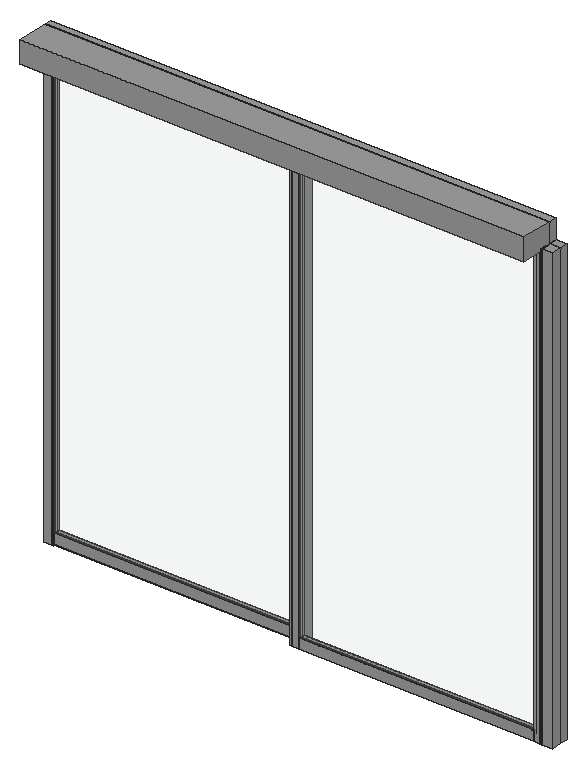
Revit family "agtatec_Record_SldngDrset_E-STA_CurtainWallPanel", category Curtain Panels, Revit 2015
Parameters (values of type "E-STA-L 108 mm drive unit height - left - with side panel")
  WithoutSidePanels = and(not(RightPanel), not(LeftPanel))  # no
  WithoutDriveCladding(OnlyApplicableForTypesWithoutSidePanels) = not(WithDriveCladding)  # no
  WithinStandardSizes = and(OpeningWidth > 799.90 mm, OpeningWidth < 3000.10 mm, ClearHeightOfPassage < 3000.10 mm, ClearHeightOfPassage > 1999.90 mm)  # yes
  WithDriveCladding = yes
  Weight = "Depends on configuration and size"
  WarrantyStartDate [instance] = "1900-12-31T23:59:59"
  WarrantyGuarantorParts = "Local door manufacturer"
  WarrantyGuarantorLabour = "Local door manufacturer"
  WarrantyDurationUnit = "Depends on country"
  WarrantyDurationParts = "Depends on country"
  WarrantyDurationLabour = "Depends on country"
  WarrantyDescription = "Depends on country"
  WallMountingProfile = yes
  Version = "Version 1.0"
  Uniclass2 = "Ss_25_30_20_77"
  URL = "www.agta-record.com"
  TotalWidth = if(LeftPanel, SidePanelWidthLeft + OpeningWidth + 55.00 mm, if(RightPanel, SidePanelWidthRight + OpeningWidth + 55.00 mm, OpeningWidth + 110.00 mm))  # 2555.00 mm
  TotalHeight = ClearHeightOfPassage + DriveUnitHeight  # 2295.00 mm
  SustainabilityPerformance = "n/a"
  SupportLengthRight = if(InterlancingProfileRight, (OpeningWidth - 46.00 mm) / 2 + SidePanelWidthRight + DriveUnitExtraWidthRight, (OpeningWidth / 2) + 16.00 mm)  # 616.00 mm
  SupportLengthLeft = if(InterlancingProfileLeft, (OpeningWidth - 46.00 mm) / 2 + SidePanelWidthLeft + DriveUnitExtraWidthLeft, (OpeningWidth / 2) + 16.00 mm)  # 1877.00 mm
  SupportLength = SupportLengthRight + SupportLengthLeft  # 2493.00 mm
  SidePanelWidthRight = OpeningWidth + 100.00 mm + ExtraRight  # 1300.00 mm
  SidePanelWidthLeft = OpeningWidth + 100.00 mm + ExtraLeft  # 1300.00 mm
  SidePanelMinimumStandard = InnerPanelWidth + 50.00 mm  # 1282.00 mm
  ServiceLifeType = "n/a"
  SecurityRating = "None"
  RightProfile = DoorOpeningLeft > DoorOpeningRight  # no
  RightPanel = no
  Revision = "n/a"
  ProductInformation = "www.agta-record.com"
  Process = "n/a"
  PassageMountingProfile(OnlyApplicableForTypesWithTwoSidePanels) = not(WallMountingProfile)  # no
  PanelHeight = ClearHeightOfPassage + 13.00 mm  # 2200.00 mm
  PanelFrames = agtatec_Record_Sliding Door, Aluminium
  PanelFill = agtatec_Record_Sliding Door, Laminated Safety Glass (Clear)
  OuterPanelWidthRight = OpeningWidth + 73.00 mm + ExtraRight  # 1273.00 mm
  OuterPanelWidthLeft = OpeningWidth + 73.00 mm + ExtraLeft  # 1273.00 mm
  OpeningWidth = 1200.00 mm
  Name = "SldngDrset_E-STA_CurtainWallPanel_Record"
  NBSTypeID = "n/a"
  NBSReference = "25-50-20/175"
  NBSOfficeMasterTag = "n/a"
  NBSNote = "n/a"
  NBSDescription = "Sliding Doorset"
  NBSCertification = "n/a"
  ModelNumber = "n/a"
  ModelLabel = "n/a"
  MethodOfMeasurement = "n/a"
  ManufacturerName = "Record"
  LeftProfile = DoorOpeningRight > DoorOpeningLeft  # no
  LeftPanel = yes
  InterlancingProfileRight = no
  InterlancingProfileLeft = yes
  InterlancingProfileHeight = PanelHeight - 5.00 mm  # 2195.00 mm
  InterlancingProfile1 = yes
  InstallationDate [instance] = "1900-12-31T23:59:59"
  InnerPanelWidth = OpeningWidth + 32.00 mm  # 1232.00 mm
  IfcExportType = "Door"
  IfcExportAs = "ifcDoorStyle"
  Grade = "n/a"
  GlazingAreaFraction = "Depends on size. Can be calculated"
  FloorGuide = agtatec_Record_Sliding Door, Stainless Steel
  FireRating = "None"
  Finish = "Powder coated, Anodized, customer specific"
  Features = "n/a"
  ExtraWidthRight = 0.00 mm
  ExtraWidthLeft = 0.00 mm
  ExtraRight = if(not(RightPanel), 0.00 mm, ExtraWidthRight)  # 0.00 mm
  ExtraLeft = if(not(LeftPanel), 0.00 mm, ExtraWidthLeft)  # 0.00 mm
  ExpectedLife = "n/a"
  DurationUnit = "year"
  Type Comments = "n/a"
  ThresholdStripping = "No additional required, part of the doorset"
  ThresholdRequired = yes
  ThermalTransmittance = 0
  TagNumber [instance] = "n/a"
  SmokeStop = no
  Size = "n/a"
  Shape = "Rectangular"
  ServiceLifeDuration = "10-15 years"
  SerialNumber [instance] = "n/a"
  SelfClosing = yes
  ReplacementCost = "Depends on the configuration and door type"
  ReferenceStandard = "EN16005, EN16361, DIN 18650, etc."
  Reference = "n/a"
  ProductionYear = "n/a"
  PassageWidthOptions = "n/a"
  NominalWidth = TotalWidth  # 2555.00 mm
  NominalLength = 0.00 mm
  NominalHeight = TotalHeight  # 2295.00 mm
  ModelReference = "Depends on the configuration"
  Model = "record Standard Linear Slider"
  Material = "Aluminium"
  ManufacturerURL = "www.agta-record.com"
  Manufacturer = "info@recorduk.co.uk"
  LeafColourOptions = "All RAL, customer specific"
  Keynote = "n/a"
  IssueDate = "n/a"
  IsExternal = yes
  Infiltration = "n/a"
  HasDrive = yes
  HandicapAccessible = yes
  GlassType = "Part of glazing spec"
  GlassThickness2 = "6 mm (default)"
  GlassThickness1 = "6 mm (default)"
  GlassLayers = 2
  FrameSeal = yes
  FrameProfile = "Aluminium"
  FrameMaterial = "Aluminium"
  FrameFinishOptions = "n/a"
  FireExit = no
  ElectronicLock = yes
  DriveUnitHeight = 108.00 mm
  DriveUnitExtraWidthRight = 0.00 mm
  DriveUnitExtraWidthLeft = 0.00 mm
  DriveUnit = agtatec_Record_Sliding Door, Sheet Metal (Painted Steel)
  DriveDepth = if([WithoutDriveCladding(OnlyApplicableForTypesWithoutSidePanels)], 157.00 mm, 194.00 mm)  # 194.00 mm
  DoorsetOperation = "Automatic"
  DoorsetFasteners = "Screws"
  DoorSeal = "yes"
  DoorOpeningRight = if(InterlancingProfileRight, SidePanelWidthLeft + DoorOpening, (SidePanelWidthLeft - DoorOpening))  # 1300.00 mm
  DoorOpeningLeft = if(InterlancingProfileLeft, SidePanelWidthRight + DoorOpening, (SidePanelWidthRight - DoorOpening))  # 1300.00 mm
  DoorOpening = 0.00 mm
  DoorNumber = "n/a"
  DoorIncluded = yes
  DoorCenterOffset = if(LeftPanel, SidePanelWidthRight - 87.00 mm + (OpeningWidth + 55.00 mm + SidePanelWidthLeft) / 2, if(RightPanel, (SidePanelWidthRight + OpeningWidth + 55.00 mm) / 2, if(and(WithoutSidePanels, InterlancingProfileLeft), (SidePanelWidthRight + OpeningWidth - 75.00 mm + SidePanelWidthLeft) / 2, (SidePanelWidthRight + OpeningWidth + 11.00 mm + SidePanelWidthLeft) / 2)))  # 2490.50 mm
  Documentation = "n/a"
  DocumentReference = "n/a"
  Description = "Automatic Sliding Door"
  Cost = 0
  Controller = "n/a"
  Construction Type = "Automatic Sliding Door"
  Constituents = "n/a"
  Configuration = "1 or 2"
  Colour = "Customer specific"
  CodePerformance = "n/a"
  ClearanceZones = no
  ClearHeightOfPassage = 2187.00 mm
  Category = "n/a"
  BreakoutFacility = "n/a"
  BarCode [instance] = "n/a"
  BIMObjectName = "agtatec_Record_SlidingDoorset_E-STA_CurtainWallPanel"
  Author = "agtatec"
  AssetType = "n/a"
  AssetIdentifier [instance] = "n/a"
  Assembly Code = "B2030110"
  AntiFingerTrapRequirement = yes
  AlternativeDoorsetGlazing = "Part of glazing spec"
  AcousticRating = "None"
  AccessoryOptions = "Contact manufacturer"
  AccessibilityPerformance = "n/a"
Reference planes
  plane 1 "Center (Front/Back)": y = 0
  plane 2: z = 0
  plane 3 "Center (Left/Right)": x = -33.5
  plane 4 "Left": x = -1280
  plane 5 "Right": x = 1213
  plane 6 "Top": z = 4000
Text (mm)
  text "Exterior" at (-2351.972, 1416.179, 0), in view "Ref. Level"
  text "Exterior" at (0, 2290.741, 4406.713), in view "Left"
  text "Exterior" at (0, 1328.187, 4120.349), in view "Right"
Dimensions and locks
  equal spacing: plane 4 "Left", plane 3 "Center (Left/Right)", plane 5 "Right"
  aligned and locked: nested 1 to plane 1 "Center (Front/Back)"
  aligned and locked: plane 3 "Center (Left/Right)" to nested 1
Nested families
  nested 1: "E-STA" at (19.997, 0, 0) x (-1, 0, 0) z (0, 0, 1), type "E-STA-L 150 mm drive unit height - left - with side panel"
    with WarrantyStartDate "Depends on country", TagNumber "n/a", SerialNumber "n/a", InstallationDate "n/a", BarCode "n/a", AssetIdentifier "n/a", TotalHeight 2295.00 mm, DriveUnitHeight 108.00 mm, NominalHeight 2295.00 mm
Definition of nested family "E-STA"
  Parameters
    WithoutSidePanels = and(not(RightPanel), not(LeftPanel))  # no
    WithoutDriveCladding(OnlyApplicableForTypesWithoutSidePanels) = not(WithDriveCladding)  # no
    WithinStandardSizes = and(OpeningWidth > 799.90 mm, OpeningWidth < 3000.10 mm, ClearHeightOfPassage < 3000.10 mm, ClearHeightOfPassage > 1999.90 mm)  # yes
    WithDriveCladding = yes
    Weight = "Depends on configuration and size"
    WarrantyDurationUnit = "Depends on country"
    WallOpeningWidth = if(and(RightPanel, LeftPanel), OpeningWidth + SidePanelWidthRight + SidePanelWidthLeft, if(RightPanel, OpeningWidth + SidePanelWidthRight, if(LeftPanel, OpeningWidth + SidePanelWidthLeft, OpeningWidth)))  # 2500.00 mm
    WallMountingRight = and(WallMountingProfile, RightPanel)  # no
    WallMountingProfile = yes
    WallMountingLeft = and(WallMountingProfile, LeftPanel)  # yes
    TotalWidth = if(LeftPanel, SidePanelWidthLeft + OpeningWidth + 55.00 mm, if(RightPanel, SidePanelWidthRight + OpeningWidth + 55.00 mm, OpeningWidth + 110.00 mm))  # 2555.00 mm
    TotalHeight = ClearHeightOfPassage + DriveUnitHeight  # 2337.00 mm
    SustainabilityPerformance = "n/a"
    SupportLengthRight = if(InterlancingProfileRight, (OpeningWidth - 46.00 mm) / 2 + SidePanelWidthRight + DriveUnitExtraWidthRight, (OpeningWidth / 2) + 16.00 mm)  # 616.00 mm
    SupportLengthLeft = if(InterlancingProfileLeft, (OpeningWidth - 46.00 mm) / 2 + SidePanelWidthLeft + DriveUnitExtraWidthLeft, (OpeningWidth / 2) + 16.00 mm)  # 1877.00 mm
    SupportLength = SupportLengthRight + SupportLengthLeft  # 2493.00 mm
    SidePanelWidthRight = OpeningWidth + 100.00 mm + ExtraRight  # 1300.00 mm
    SidePanelWidthLeft = OpeningWidth + 100.00 mm + ExtraLeft  # 1300.00 mm
    SidePanelMinimumStandard = InnerPanelWidth + 50.00 mm  # 1282.00 mm
    ServiceLifeType = "n/a"
    SecurityRating = "None"
    RightPanel = no
    Revision = "n/a"
    ProfileOpeningRight = if(InterlancingProfileLeft, DoorOpeningRestriction, 0.00 mm)  # 0.00 mm
    ProfileOpeningLeft = if(InterlancingProfileRight, DoorOpeningRestriction, 0.00 mm)  # 0.00 mm
    ProductInformation = "www.agta-record.com"
    Process = "n/a"
    PassageMountingRight = and([PassageMountingProfile(OnlyApplicableForTypesWithTwoSidePanels)], RightPanel)  # no
    PassageMountingProfile(OnlyApplicableForTypesWithTwoSidePanels) = not(WallMountingProfile)  # no
    PassageMountingLeft = and([PassageMountingProfile(OnlyApplicableForTypesWithTwoSidePanels)], LeftPanel)  # no
    PanelHeight = ClearHeightOfPassage + 13.00 mm  # 2200.00 mm
    PanelFrames = none
    PanelFill = none
    OuterPanelWidthRight = OpeningWidth + 73.00 mm + ExtraRight  # 1273.00 mm
    OuterPanelWidthLeft = OpeningWidth + 73.00 mm + ExtraLeft  # 1273.00 mm
    OpeningWidth = 1200.00 mm
    Name = "SldngDrset_E-STA_Standalone_Record"
    NBSTypeID = "n/a"
    NBSReference = "25-50-20/175"
    NBSOfficeMasterTag = "n/a"
    NBSNote = "n/a"
    NBSDescription = "Sliding Doorset"
    NBSCertification = "n/a"
    ModelNumber = "n/a"
    ModelLabel = "n/a"
    MethodOfMeasurement = "n/a"
    ManufacturerName = "Record"
    LeftPanel = yes
    InterlancingProfileRight = no
    InterlancingProfileLeft = yes
    InterlancingProfileHeight = PanelHeight - 5.00 mm  # 2195.00 mm
    InstallationDate [instance] = "n/a"
    InnerPanelWidth = OpeningWidth + 32.00 mm  # 1232.00 mm
    IfcExportType = "n/a"
    IfcExportAs = "n/a"
    Grade = "n/a"
    GlazingAreaFraction = "Depends on size. Can be calculated"
    FloorGuide = none
    FireRating = "None"
    Features = "n/a"
    ExtraWidthRight = 0.00 mm
    ExtraWidthLeft = 0.00 mm
    ExtraRight = if(not(RightPanel), 0.00 mm, ExtraWidthRight)  # 0.00 mm
    ExtraLeft = if(not(LeftPanel), 0.00 mm, ExtraWidthLeft)  # 0.00 mm
    ExpectedLife = "n/a"
    DurationUnit = "year"
    DriveUnitHeight = 150.00 mm
    DriveUnitExtraWidthRight = 0.00 mm
    DriveUnitExtraWidthLeft = 0.00 mm
    DriveUnit = none
    Width = TotalWidth  # 2555.00 mm
    WarrantyStartDate [instance] = "Depends on country"
    WarrantyGuarantorParts = "Local door manufacturer"
    WarrantyGuarantorLabour = "Local door manufacturer"
    WarrantyDurationParts = "Depends on country"
    WarrantyDurationLabour = "Depends on country"
    WarrantyDescription = "Depends on country"
    Version = "Version 1.0"
    Uniclass2 = "Ss_25_30_20_77"
    URL = "www.agta-record.com"
    Type Comments = ""
    ThresholdStripping = "No additional required, part of the doorset"
    ThresholdRequired = yes
    ThermalTransmittance = 0
    TagNumber [instance] = "n/a"
    SmokeStop = no
    Size = "n/a"
    Shape = "Rectangular"
    ServiceLifeDuration = "10-15 years"
    SerialNumber [instance] = "n/a"
    SelfClosing = yes
    Rough Width = TotalWidth + 6.00 mm  # 2561.00 mm
    Rough Height = TotalHeight + 6.00 mm  # 2343.00 mm
    ReplacementCost = "Depends on the configuration and door type"
    ReferenceStandard = "EN16005, EN16361, DIN 18650, etc."
    Reference = "n/a"
    ProductionYear = "n/a"
    PassageWidthOptions = "n/a"
    Operation = "n/a"
    NominalWidth = TotalWidth  # 2555.00 mm
    NominalLength = 0.00 mm
    NominalHeight = TotalHeight  # 2337.00 mm
    ModelReference = "Depends on the configuration"
    Model = "record Standard Linear Slider"
    Material = "Aluminium"
    ManufacturerURL = "www.agta-record.com"
    Manufacturer = "info@recorduk.co.uk"
    LeafColourOptions = "All RAL, customer specific"
    Keynote = ""
    IssueDate = ""
    IsExternal = yes
    Infiltration = "n/a"
    Height = TotalHeight  # 2337.00 mm
    HasDrive = yes
    HandicapAccessible = yes
    GlassType = "Part of glazing spec"
    GlassThickness2 = "6 mm (default)"
    GlassThickness1 = "6 mm (default)"
    GlassLayers = 2
    Function = 1
    FrameSeal = yes
    FrameProfile = "Aluminium"
    FrameMaterial = "Aluminium"
    FrameFinishOptions = "n/a"
    FireExit = no
    Finish = "Powder coated, Anodized, customer specific"
    ElectronicLock = yes
    DriveDepth2 = if([WithoutDriveCladding(OnlyApplicableForTypesWithoutSidePanels)], 0.00 mm, 37.00 mm)  # 37.00 mm
    DriveDepth = if([WithoutDriveCladding(OnlyApplicableForTypesWithoutSidePanels)], 157.00 mm, 194.00 mm)  # 194.00 mm
    DoorsetOperation = "Automatic"
    DoorsetFasteners = "Screws"
    DoorSeal = "yes"
    DoorOpeningRight = if(InterlancingProfileRight, SidePanelWidthLeft + DoorOpeningRestriction, (SidePanelWidthLeft - DoorOpeningRestriction))  # 1300.00 mm
    DoorOpeningRestriction = if(DoorOpening > OpeningWidth, OpeningWidth, DoorOpening)  # 0.00 mm
    DoorOpeningLeft = if(InterlancingProfileLeft, SidePanelWidthRight + DoorOpeningRestriction, (SidePanelWidthRight - DoorOpeningRestriction))  # 1300.00 mm
    DoorOpening = 0.00 mm
    DoorNumber = "n/a"
    DoorIncluded = yes
    Documentation = "n/a"
    DocumentReference = "n/a"
    DistanceToWall = if([WithoutDriveCladding(OnlyApplicableForTypesWithoutSidePanels)], 20.00 mm, 57.00 mm)  # 57.00 mm
    Description = "Automatic Sliding Door"
    Cost = 0
    Controller = "n/a"
    Construction Type = "Automatic Sliding Door"
    Constituents = "n/a"
    Configuration = "1 or 2"
    Colour = "Customer specific"
    CodePerformance = "n/a"
    ClearanceZones = no
    ClearanceZoneRight = if(not(InterlancingProfileRight), (SupportLength / 2) + 55.00 mm, if(or(not(RightPanel), DriveUnitExtraWidthRight > 0.00 mm), SupportLength / 2, if(not(WallMountingProfile), (SupportLength / 2) + 7.00 mm, (SupportLength / 2) + 23.00 mm)))  # 1301.50 mm
    ClearanceZoneLeft = if(not(InterlancingProfileLeft), (SupportLength / 2) + 55.00 mm, if(or(not(LeftPanel), DriveUnitExtraWidthLeft > 0.00 mm), SupportLength / 2, if(not(WallMountingProfile), (SupportLength / 2) + 7.00 mm, (SupportLength / 2) + 23.00 mm)))  # 1269.50 mm
    ClearHeightOfPassage = 2187.00 mm
    CladdingVoid = if(WithoutSidePanels, 9.00 mm, 41.00 mm)  # 41.00 mm
    CladdingProfile = not([WithoutDriveCladding(OnlyApplicableForTypesWithoutSidePanels)])  # yes
    CenterOfDoor = if(InterlancingProfileLeft, ((SidePanelWidthRight - 32.00 mm) + ((SupportLength) / 2)), 7.00 mm + (SupportLength / 2) - DriveUnitExtraWidthRight)  # 2514.50 mm
    Category = "n/a"
    BreakoutFacility = "n/a"
    BarCode [instance] = "n/a"
    BIMObjectName = "agtatec_Record_SlidingDoorset_E-STA_Standalone"
    Author = "agtatec"
    AssetType = "n/a"
    AssetIdentifier [instance] = "n/a"
    Assembly Code = "B2030110"
    AntiFingerTrapRequirement = yes
    AlternativeDoorsetGlazing = "Part of glazing spec"
    AcousticRating = "None"
    AccessoryOptions = "Contact manufacturer"
    AccessibilityPerformance = "n/a"
  Reference planes
    plane 1 "Center (Front/Back)": y = 0
    plane 2: z = 0
    plane 3 "Ref": x = 6.997
    plane 4: y = 5
    plane 5: y = 101
    plane 6: z = 2337
    plane 7: z = 2187
    plane 8: z = 2545.08
    plane 9: x = -1244.003
    plane 10: z = 2357
    plane 11: y = 344
    plane 12 "Reference": z = 270
    plane 13 "2D Lines": z = 100
    plane 14: x = -1193.003
    plane 15: y = 57
    plane 16: x = 1306.997
    plane 17 "Ex Center (Left/Right)": x = -577.003
    plane 18: x = 38.997
    plane 19: x = 89.997
    plane 20: x = -1161.003
    plane 21: x = 18.997
    plane 22: x = -1173.003
    plane 23: x = -2461.003
    plane 24: y = 46
    plane 25: x = -1161.003
    plane 26: x = 6.997
    plane 27: y = 194
    plane 28 "Drive Unit - Front": y = 5
    plane 29: x = 38.997
    plane 30: x = -1193.003
    plane 31: x = 1299.997
    plane 32: x = -1193.003
    plane 33 "Center (Left/Right)": x = 53.497
    plane 34: x = 1322.997
    plane 35: x = -1248.003
  Forms (mm)
    Extrusion 1, solid, material <- "PanelFrames", visible <- "PassageMountingLeft"
      sketch origin (-430.68, 0, 0) x (-1, 0, 0) y (0, -1, 0)
        loop
          line (-1697.677, -3) -> (-1697.677, 0) -> (-1737.677, 0) -> (-1737.677, -40) -> (-1697.677, -40) -> (-1697.677, -38) -> (-1734.677, -38) -> (-1734.677, -3) -> (-1697.677, -3)
      from 0 to 2187
    Extrusion 2, solid, material <- "PanelFrames", visible <- "WallMountingLeft"
      sketch origin (-430.68, 0, 0) x (1, 0, 0) y (0, 1, 0)
        loop
          line (1697.677, 38) -> (1734.677, 38) -> (1734.677, 3) -> (1697.677, 3) -> (1697.677, 0) -> (1753.677, 0) -> (1753.677, 4) -> (1737.677, 4) -> (1737.677, 40) -> (1697.677, 40) -> (1697.677, 38)
      from 0 to 2187
    Extrusion 3, solid, material <- "PanelFrames", visible <- "PassageMountingRight"
      sketch origin (-723.327, 0, 0) x (1, 0, 0) y (0, 1, 0)
        loop
          line (-1697.677, 3) -> (-1734.677, 3) -> (-1734.677, 38) -> (-1697.677, 38) -> (-1697.677, 40) -> (-1737.677, 40) -> (-1737.677, 0) -> (-1697.677, 0) -> (-1697.677, 3)
      from 0 to 2187
    Extrusion 4, solid, material <- "PanelFrames", visible <- "WallMountingRight"
      sketch origin (-723.327, 0, 0) x (-1, 0, 0) y (0, -1, 0)
        loop
          line (1697.677, 0) -> (1697.677, -3) -> (1734.677, -3) -> (1734.677, -38) -> (1697.677, -38) -> (1697.677, -40) -> (1737.677, -40) -> (1737.677, -4) -> (1753.677, -4) -> (1753.677, 0) -> (1697.677, 0)
      from 0 to 2187
    Extrusion 5, solid, visible <- "ClearanceZones"
      sketch origin (-1193.003, 0, -304.8) x (0, 0, -1) y (0, 1, 0)
        loop
          line (-2661.8, 0) -> (-304.8, 0) -> (-304.8, 344) -> (-2661.8, 344) -> (-2661.8, 0)
      from -55 to 2516
    Extrusion 6, solid, material <- "DriveUnit"
      sketch origin (-1193.003, 0, -304.8) x (0, 0, -1) y (0, 1, 0)
        loop
          line (-2491.8, 37) -> (-2491.8, 54) -> (-2504.8, 54) -> (-2504.8, 96) -> (-2491.8, 96) -> (-2491.8, 194) -> (-2641.8, 194) -> (-2641.8, 37) -> (-2491.8, 37)
      from 0 to 2493
    Extrusion 7, solid, material <- "DriveUnit", visible <- "CladdingProfile"
      sketch origin (-577.003, -62.403, 1200) x (0, -1, 0) y (0, 0, 1)
        loop
          line (-62.403, 987) -> (-62.403, 1137) -> (-99.403, 1137) -> (-99.403, 987) -> (-62.403, 987)
      from -1877 to 616
    Extrusion 8, void
      sketch origin (-1826.039, 46, 1200) x (1, 0, 0) y (0, 0, 1)
        loop
          line (633.035, 1000) -> (633.035, 987) -> (3126.035, 987) -> (3126.035, 1000) -> (633.035, 1000)
      from 0 to 41 <- "CladdingVoid"
  Cuts and joins
    Extrusion 8 cuts Extrusion 1
    Extrusion 8 cuts Extrusion 2
    Extrusion 8 cuts Extrusion 7
  Lines and regions (mm)
    Masking region 1, visible <- "PassageMountingLeft"
      outline origin (0, 0, 0) x (1, 0, 0) y (0, 1, 0)
        loop
          line (1266.997, 38) -> (1303.997, 38) -> (1303.997, 3) -> (1266.997, 3) -> (1266.997, 0) -> (1306.997, 0) -> (1306.997, 40) -> (1266.997, 40) -> (1266.997, 38)
    Masking region 2, visible <- "WallMountingLeft"
      outline origin (0, 0, 0) x (1, 0, 0) y (0, 1, 0)
        loop
          line (1266.997, 40) -> (1266.997, 38) -> (1303.997, 38) -> (1303.997, 3) -> (1266.997, 3) -> (1266.997, 0) -> (1322.997, 0) -> (1322.997, 4) -> (1306.997, 4) -> (1306.997, 40) -> (1266.997, 40)
    Masking region 3, visible <- "PassageMountingRight"
      outline origin (0, 0, 0) x (1, 0, 0) y (0, 1, 0)
        loop
          line (-2461.003, 40) -> (-2461.003, 0) -> (-2421.003, 0) -> (-2421.003, 3) -> (-2458.003, 3) -> (-2458.003, 38) -> (-2421.003, 38) -> (-2421.003, 40) -> (-2461.003, 40)
    Masking region 4, visible <- "WallMountingRight"
      outline origin (0, 0, 0) x (1, 0, 0) y (0, 1, 0)
        loop
          line (-2477.003, 0) -> (-2421.003, 0) -> (-2421.003, 3) -> (-2458.003, 3) -> (-2458.003, 38) -> (-2421.003, 38) -> (-2421.003, 40) -> (-2461.003, 40) -> (-2461.003, 4) -> (-2477.003, 4) -> (-2477.003, 0)
    symbolic lines
      curve 1: line (-502.003, -50, 0) -> (-652.003, -50, 0)
    symbolic lines, visible <- "InterlancingProfileLeft"
      curve 2: line (-502.003, -50, 0) -> (-537.359, -14.645, 0)
      curve 3: line (-502.003, -50, 0) -> (-537.359, -85.355, 0)
    symbolic lines, visible <- "InterlancingProfileRight"
      curve 4: line (-652.003, -50, 0) -> (-616.648, -14.645, 0)
      curve 5: line (-652.003, -50, 0) -> (-616.648, -85.355, 0)
  Text (mm)
    text "Right" at (-1678.087, 0, 3204.03), in view "Back"
    text "Left" at (1021.913, 0, 3204.03), in view "Back"
  Dimensions and locks
    locked: plane 4 to plane 1 "Center (Front/Back)" at 5
    locked: plane 1 "Center (Front/Back)" to plane 5 at 101
    "DriveUnitHeight": plane 6 to plane 7
    locked: plane 8 to plane 7 at 358.08
    "ClearHeightOfPassage": plane 7 to plane 2
    locked: plane 10 to plane 6 at 20
    "OpeningWidth": plane 14 to plane 3 "Ref"
    locked: plane 9 to plane 14 at 51
    "SidePanelWidthLeft": plane 3 "Ref" to plane 16
    locked: plane 18 to plane 19 at 51
    "OpeningWidth": plane 20 to plane 18
    "InnerPanelWidth": plane 14 to plane 18
    equal spacing: plane 14, plane 17 "Ex Center (Left/Right)", plane 18
    locked: plane 3 "Ref" to plane 21 at 12
    locked: plane 22 to plane 20 at 12
    "SidePanelWidthRight": plane 23 to plane 20
    locked: plane 1 "Center (Front/Back)" to plane 24 at 46
    "DistanceToWall": plane 15 to plane 1 "Center (Front/Back)"
    "DoorOpeningLeft": plane 23 to plane 25
    "DoorOpeningRight": plane 26 to plane 16
    "DriveDepth": plane 1 "Center (Front/Back)" to plane 27
    "DriveUnitHeight": plane 27 to plane 11
    locked: plane 15 to nested 6 at 20
    locked: plane 15 to nested 2 at 20
    locked: Extrusion 6 sketch curve to Extrusion 6 sketch curve at 98
    "ProfileOpeningRight": plane 18 to plane 29
    "ProfileOpeningLeft": plane 30 to plane 14
    "SupportLengthLeft": plane 17 "Ex Center (Left/Right)" to plane 31
    "SupportLengthRight": plane 32 to plane 17 "Ex Center (Left/Right)"
    "DriveDepth2": plane 1 "Center (Front/Back)" to Extrusion 6 sketch curve
    locked: Extrusion 8 sketch curve to Extrusion 8 sketch curve at 13
    "CenterOfDoor": plane 23 to plane 33 "Center (Left/Right)"
    "ClearanceZoneLeft": plane 33 "Center (Left/Right)" to plane 34
    "ClearanceZoneRight": plane 35 to plane 33 "Center (Left/Right)"
    aligned and locked: plane 2 to level
    aligned and locked: plane 7 to Extrusion 2
    aligned and locked: plane 7 to Extrusion 1
    aligned and locked: plane 16 to Extrusion 1
    aligned and locked: nested 1 to plane 21
    aligned and locked: plane 15 to nested 3
    aligned and locked: plane 20 to nested 6
    aligned and locked: nested 2 to plane 3 "Ref"
    aligned and locked: plane 7 to Extrusion 3
    aligned and locked: plane 7 to Extrusion 4
    aligned and locked: plane 15 to nested 4
    aligned and locked: plane 10 to Extrusion 5 sketch curve
    aligned and locked: plane 11 to Extrusion 5 sketch curve
    aligned and locked: plane 1 "Center (Front/Back)" to Extrusion 5 sketch curve
    aligned and locked: level to Extrusion 5 sketch curve
    aligned and locked: nested 5 to plane 15
    aligned and locked: nested 7 to plane 15
    aligned and locked: plane 7 to Extrusion 6 sketch curve  (x2)
    aligned and locked: Extrusion 6 sketch curve to plane 6
    aligned and locked: plane 27 to Extrusion 6 sketch curve
    aligned and locked: nested 5 to plane 30
    aligned and locked: plane 30 to nested 4
    aligned and locked: nested 3 to plane 29
    aligned and locked: plane 29 to nested 7
    aligned and locked: plane 31 to Extrusion 6
    aligned and locked: plane 22 to nested 8
    aligned and locked: Extrusion 8 sketch curve to plane 31
    aligned and locked: plane 32 to Extrusion 8 sketch curve
    aligned and locked: plane 31 to cut or joined group of Extrusion 7, Extrusion 8
    aligned and locked: cut or joined group of Extrusion 7, Extrusion 8 to plane 32
    aligned and locked: Extrusion 5 to plane 35
    aligned and locked: plane 34 to Extrusion 5
  Automatic sketch dimensions
    Masking region 1 sketch curve to plane 4 = 2.00 mm
    plane 1 "Center (Front/Back)" to Masking region 1 sketch curve = 0.00 mm
    Masking region 1 sketch curve to plane 16 = 0.00 mm
    Masking region 1 sketch curve to plane 16 = 3.00 mm
    Masking region 1 sketch curve to plane 24 = 8.00 mm
    Masking region 1 sketch curve to Masking region 1 sketch curve = 37.00 mm  (x2)
    plane 17 "Ex Center (Left/Right)" to curve 1 = 75.00 mm
    plane 17 "Ex Center (Left/Right)" to curve 5 = 39.645 mm
    plane 1 "Center (Front/Back)" to curve 4 = 14.645 mm
    plane 17 "Ex Center (Left/Right)" to curve 4 = 39.645 mm
    plane 1 "Center (Front/Back)" to curve 2 = 14.645 mm
    curve 2 to plane 17 "Ex Center (Left/Right)" = 39.645 mm
    curve 3 to plane 17 "Ex Center (Left/Right)" = 39.645 mm
    plane 1 "Center (Front/Back)" to curve 2 = 50.00 mm
    curve 3 to curve 2 = 35.355 mm
    Extrusion 1 sketch curve to plane 16 = 0.00 mm
    plane 1 "Center (Front/Back)" to Extrusion 1 sketch curve = 0.00 mm
    plane 24 to Extrusion 1 sketch curve = 8.00 mm
    Extrusion 1 sketch curve to Extrusion 1 sketch curve = 37.00 mm
    Extrusion 1 sketch curve to Extrusion 1 sketch curve = 0.00 mm
    plane 4 to Extrusion 1 sketch curve = 2.00 mm
    plane 24 to Extrusion 1 sketch curve = 6.00 mm
    Masking region 1 sketch curve to Masking region 1 sketch curve = 2.00 mm
    plane 1 "Center (Front/Back)" to Extrusion 2 sketch curve = 0.00 mm
    Extrusion 2 sketch curve to plane 16 = 0.00 mm
    Extrusion 2 sketch curve to plane 24 = 8.00 mm
    Extrusion 2 sketch curve to Extrusion 2 sketch curve = 37.00 mm  (x2)
    plane 16 to Extrusion 2 sketch curve = 16.00 mm
    Extrusion 2 sketch curve to plane 4 = 2.00 mm
    Extrusion 2 sketch curve to plane 4 = 1.00 mm
    Extrusion 2 sketch curve to Extrusion 2 sketch curve = 2.00 mm
    plane 1 "Center (Front/Back)" to Masking region 2 sketch curve = 0.00 mm
    Masking region 2 sketch curve to plane 16 = 0.00 mm
    Masking region 2 sketch curve to plane 24 = 8.00 mm
    Masking region 2 sketch curve to Masking region 2 sketch curve = 37.00 mm  (x2)
    plane 16 to Masking region 2 sketch curve = 16.00 mm
    Masking region 2 sketch curve to plane 4 = 2.00 mm
    Masking region 2 sketch curve to plane 4 = 1.00 mm
    Masking region 2 sketch curve to Masking region 2 sketch curve = 2.00 mm
    plane 16 to Extrusion 1 sketch curve = 3.00 mm
    Extrusion 2 sketch curve to plane 16 = 3.00 mm
    Masking region 2 sketch curve to plane 16 = 3.00 mm
    Extrusion 3 sketch curve to plane 23 = 0.00 mm
    Extrusion 3 sketch curve to plane 4 = 2.00 mm
    plane 1 "Center (Front/Back)" to Extrusion 3 sketch curve = 0.00 mm
    Extrusion 3 sketch curve to plane 23 = 3.00 mm
    Extrusion 3 sketch curve to plane 24 = 8.00 mm
    Extrusion 3 sketch curve to Extrusion 3 sketch curve = 37.00 mm  (x2)
    Extrusion 3 sketch curve to plane 24 = 6.00 mm
    Extrusion 4 sketch curve to plane 23 = 0.00 mm
    Extrusion 4 sketch curve to plane 1 "Center (Front/Back)" = 0.00 mm
    plane 23 to Extrusion 4 sketch curve = 3.00 mm
    Extrusion 4 sketch curve to Extrusion 4 sketch curve = 37.00 mm  (x2)
    plane 24 to Extrusion 4 sketch curve = 8.00 mm
    Extrusion 4 sketch curve to plane 23 = 16.00 mm
    plane 4 to Extrusion 4 sketch curve = 2.00 mm
    plane 4 to Extrusion 4 sketch curve = 1.00 mm
    Extrusion 4 sketch curve to Extrusion 4 sketch curve = 2.00 mm
    Masking region 4 sketch curve to plane 1 "Center (Front/Back)" = 0.00 mm
    Masking region 4 sketch curve to plane 23 = 0.00 mm
    plane 23 to Masking region 4 sketch curve = 16.00 mm
    Masking region 4 sketch curve to plane 4 = 1.00 mm
    Masking region 4 sketch curve to plane 23 = 3.00 mm
    Masking region 4 sketch curve to plane 24 = 6.00 mm
    Masking region 4 sketch curve to Masking region 4 sketch curve = 37.00 mm
    Masking region 4 sketch curve to plane 4 = 2.00 mm
    Masking region 4 sketch curve to Masking region 4 sketch curve = 0.00 mm
    Masking region 4 sketch curve to Masking region 4 sketch curve = 2.00 mm
    plane 1 "Center (Front/Back)" to Masking region 3 sketch curve = 0.00 mm
    Masking region 3 sketch curve to plane 23 = 0.00 mm
    Masking region 3 sketch curve to plane 23 = 3.00 mm
    Masking region 3 sketch curve to plane 4 = 2.00 mm
    Masking region 3 sketch curve to Masking region 3 sketch curve = 37.00 mm
    Masking region 3 sketch curve to plane 24 = 6.00 mm
    Masking region 3 sketch curve to Masking region 3 sketch curve = 0.00 mm
    Masking region 3 sketch curve to Masking region 3 sketch curve = 2.00 mm
    Extrusion 7 sketch curve to plane 7 = 0.00 mm
    Extrusion 7 sketch curve to plane 6 = 0.00 mm
    Extrusion 7 sketch curve to plane 1 "Center (Front/Back)" = 0.00 mm
    Extrusion 7 sketch curve to plane 24 = 9.00 mm
    Extrusion 8 sketch curve to plane 7 = 0.00 mm
    Extrusion 6 sketch curve to plane 15 = 3.00 mm
    Extrusion 6 sketch curve to Extrusion 6 sketch curve = 13.00 mm
  Nested families
    nested 1: "Outer Panel" at (18.997, 5, 0), visible <- "LeftPanel", type "Left Panel"
      with Panel Height 2200.00 mm
    nested 2: "Interlacing profile - Outer" at (18.997, 37, 5) x (0, 1, 0) z (0, 0, 1), visible <- "InterlancingProfileLeft", type "Default"
      with Without side panels no, Interlacing profile 2 no, Interlacing profile 1 yes
    nested 3: "Interlacing profile - Inner" at (38.997, 57, 5) x (0, -1, 0) z (0, 0, 1), type "Left"
    nested 4: "Inner Panel" at (38.997, 57, 0) x (-1, 0, 0) z (0, 0, 1), visible <- "InterlancingProfileRight", type "Inner Panel"
    nested 5: "Interlacing profile - Inner" at (-1193.003, 57, 5) x (0, -1, 0) z (0, 0, 1), type "Right"
      with Side Panel yes, Opposite Panel no, Interlacing profile 3 no, Interlacing profile 2 yes, Interlacing profile 1 yes
    nested 6: "Interlacing profile - Outer" at (-1173.003, 37, 5) x (0, 1, 0) z (0, 0, 1), visible <- "InterlancingProfileRight", type "Default"
      with Without side panels no, Interlacing profile 2 no, Interlacing profile 1 yes
    nested 7: "Inner Panel" at (-1193.003, 57, 0), visible <- "InterlancingProfileLeft", type "Inner Panel"
    nested 8: "Outer Panel" at (-1173.003, 37, 0) x (-1, 0, 0) z (0, 0, 1), visible <- "RightPanel", type "Right Panel"
      with Right Panel yes, Panel Height 2200.00 mm, Left Panel no
  Definition of nested family "Outer Panel"
    Parameters
      Right Panel = no
      Panel Height = 2163.00 mm
      Panel Glass = none
      Panel Frames = none
      Outer Panel Width = 1273.00 mm
      Left Panel = yes
    Reference planes
      plane 1 "Center (Front/Back)": y = 0
      plane 2: z = 0
      plane 3 "Center (Left/Right)": x = 0
      plane 4: x = 1273
      plane 5: z = 2163
      plane 6: x = 1241
      plane 7: x = 32
      plane 8: z = 2144
      plane 9 "Above": z = 42
      plane 10: x = 1254.5
      plane 11: x = 18.5
      plane 12: y = 32
      plane 13: x = 10
    Forms (mm)
      Extrusion 1, solid, material <- "Panel Frames"
        sketch origin (0, 0, 0) x (1, 0, 0) y (0, 1, 0)
          loop
            line (0, 0) -> (32, 0) -> (32, 2.5) -> (16, 2.5) -> (16, 29.5) -> (32, 29.5) -> (32, 32) -> (0, 32) -> (0, 0)
        from 0 to 2163
      Extrusion 2, solid, material <- "Panel Frames"
        sketch origin (591.5, 0, 0) x (-1, 0, 0) y (0, -1, 0)
          loop
            line (-681.5, 0) -> (-681.5, -32) -> (-649.5, -32) -> (-649.5, -29.5) -> (-665.5, -29.5) -> (-665.5, -2.5) -> (-649.5, -2.5) -> (-649.5, 0) -> (-681.5, 0)
        from 0 to 2163
      Extrusion 3, solid, material <- "Panel Frames"
        sketch origin (75, 0, 0) x (0, 1, 0) y (0, 0, 1)
          loop
            line (0, 2163) -> (0, 2131) -> (2.5, 2131) -> (2.5, 2147) -> (29.5, 2147) -> (29.5, 2131) -> (32, 2131) -> (32, 2163) -> (0, 2163)
        from -43 to 1166
      Extrusion 4, solid, material <- "Panel Glass"
        sketch origin (0, 0, 0) x (1, 0, 0) y (0, 1, 0)
          loop
            line (18.5, 28) -> (18.5, 4) -> (1254.5, 4) -> (1254.5, 28) -> (18.5, 28)
        from 42 to 2144
      Extrusion 5, solid, material <- "Panel Frames"
        sketch origin (20, 0, 0) x (0, 1, 0) y (0, 0, 1)
          loop
            line (0, 5) -> (3.25, 5) -> (3.25, 0) -> (28.75, 0) -> (28.75, 5) -> (32, 5) -> (32, 55) -> (29.5, 55) -> (29.5, 39) -> (2.5, 39) -> (2.5, 55) -> (0, 55) -> (0, 5)
        from 12 to 1221
    Lines and regions (mm)
      Masking region 1
        outline origin (0, 0, 0) x (1, 0, 0) y (0, 1, 0)
          loop
            line (0, 32) -> (0, 0) -> (10, 0) -> (1273, 0) -> (1273, 32) -> (10, 32) -> (0, 32)
      symbolic lines, detail levels medium+fine
        curve 1: line (1241, 32, 42) -> (1241, 29.5, 42)
        curve 2: line (32, 32, 42) -> (32, 29.5, 42)
        curve 18: line (1241, 2.5, 42) -> (1241, 0, 42)
        curve 20: line (32, 2.5, 42) -> (32, 0, 42)
      symbolic lines, detail levels fine
        curve 3: line (32, 28, 42) -> (1241, 28, 42)
        curve 4: line (32, 4, 42) -> (1241, 4, 42)
        curve 5: line (1241, 29.5, 42) -> (1257, 29.5, 42)
        curve 6: line (1257, 29.5, 42) -> (1257, 2.5, 42)
        curve 7: line (1257, 2.5, 42) -> (1241, 2.5, 42)
        curve 8: line (1241, 28, 42) -> (1254.5, 28, 42)
        curve 9: line (1254.5, 28, 42) -> (1254.5, 4, 42)
        curve 10: line (1254.5, 4, 42) -> (1241, 4, 42)
        curve 11: line (32, 29.5, 42) -> (16, 29.5, 42)
        curve 12: line (16, 29.5, 42) -> (16, 2.5, 42)
        curve 13: line (16, 2.5, 42) -> (32, 2.5, 42)
        curve 14: line (32, 4, 42) -> (18.5, 4, 42)
        curve 15: line (18.5, 4, 42) -> (18.5, 28, 42)
        curve 16: line (18.5, 28, 42) -> (32, 28, 42)
      symbolic lines, detail levels medium
        curve 17: line (1241, 29.5, 42) -> (1241, 2.5, 42)
        curve 19: line (32, 29.5, 42) -> (32, 2.5, 42)
      symbolic lines, visible <- "Right Panel"
        curve 21: line (0, 32, 42) -> (10, 32, 42)
      symbolic lines, visible <- "Left Panel"
        curve 22: line (10, 0, 42) -> (0, 0, 42)
    Dimensions and locks
      "Panel Height": plane 5 to plane 2
      locked: plane 7 to plane 3 "Center (Left/Right)" at 32
      locked: plane 6 to plane 4 at 32
      locked: plane 5 to plane 8 at 19
      locked: plane 9 "Above" to level at 42
      locked: plane 4 to plane 10 at 18.5
      locked: plane 11 to plane 3 "Center (Left/Right)" at 18.5
      "Outer Panel Width": plane 4 to plane 3 "Center (Left/Right)"
      locked: plane 3 "Center (Left/Right)" to plane 13 at 10
      aligned and locked: plane 2 to level
      aligned and locked: plane 5 to Extrusion 2
      aligned and locked: plane 5 to Extrusion 1
      aligned and locked: Extrusion 3 to plane 7
      aligned and locked: Extrusion 3 to plane 6
      aligned and locked: plane 8 to Extrusion 4
      aligned and locked: Extrusion 4 to plane 9 "Above"
      aligned and locked: Extrusion 4 to plane 10
      aligned and locked: Extrusion 4 to plane 11
      aligned and locked: Extrusion 1 to level
      aligned and locked: Extrusion 2 to level
      aligned and locked: Extrusion 5 to plane 6
      aligned and locked: Extrusion 5 to plane 7
      aligned and locked: Masking region 1 sketch curve to plane 4
      aligned and locked: plane 13 to Masking region 1 sketch curve  (x2)
    Automatic sketch dimensions
      Extrusion 1 sketch curve to plane 3 "Center (Left/Right)" = 0.00 mm
      Extrusion 1 sketch curve to plane 7 = 0.00 mm  (x2)
      plane 1 "Center (Front/Back)" to Extrusion 1 sketch curve = 0.00 mm
      Extrusion 1 sketch curve to plane 11 = 2.50 mm
      Extrusion 1 sketch curve to Extrusion 1 sketch curve = 2.50 mm  (x2)
      Extrusion 1 sketch curve to Extrusion 1 sketch curve = 27.00 mm
      Extrusion 2 sketch curve to plane 4 = 0.00 mm
      Extrusion 2 sketch curve to plane 6 = 0.00 mm  (x2)
      plane 1 "Center (Front/Back)" to Extrusion 2 sketch curve = 0.00 mm
      plane 10 to Extrusion 2 sketch curve = 2.50 mm
      Extrusion 2 sketch curve to Extrusion 2 sketch curve = 2.50 mm  (x2)
      Extrusion 2 sketch curve to Extrusion 2 sketch curve = 27.00 mm
      Extrusion 3 sketch curve to plane 1 "Center (Front/Back)" = 0.00 mm
      Extrusion 3 sketch curve to plane 5 = 0.00 mm
      Extrusion 3 sketch curve to plane 1 "Center (Front/Back)" = 2.50 mm
      plane 8 to Extrusion 3 sketch curve = 3.00 mm
      Extrusion 3 sketch curve to Extrusion 3 sketch curve = 27.00 mm
      Extrusion 3 sketch curve to Extrusion 3 sketch curve = 2.50 mm
      Extrusion 3 sketch curve to plane 8 = 13.00 mm  (x2)
      Extrusion 4 sketch curve to plane 11 = 0.00 mm
      Extrusion 4 sketch curve to plane 10 = 0.00 mm
      Extrusion 4 sketch curve to plane 1 "Center (Front/Back)" = 4.00 mm
      Extrusion 4 sketch curve to Extrusion 4 sketch curve = 24.00 mm
      Extrusion 5 sketch curve to plane 1 "Center (Front/Back)" = 0.00 mm
      Extrusion 5 sketch curve to level = 0.00 mm
      Extrusion 5 sketch curve to plane 1 "Center (Front/Back)" = 3.25 mm
      Extrusion 5 sketch curve to plane 1 "Center (Front/Back)" = 2.50 mm
      level to Extrusion 5 sketch curve = 5.00 mm
      Extrusion 5 sketch curve to Extrusion 5 sketch curve = 25.50 mm
      plane 9 "Above" to Extrusion 5 sketch curve = 13.00 mm  (x2)
      Extrusion 5 sketch curve to Extrusion 5 sketch curve = 27.00 mm
      Extrusion 5 sketch curve to Extrusion 5 sketch curve = 2.50 mm
      Extrusion 5 sketch curve to Extrusion 5 sketch curve = 5.00 mm
      Extrusion 5 sketch curve to plane 9 "Above" = 3.00 mm
      plane 1 "Center (Front/Back)" to Masking region 1 sketch curve = 0.00 mm
      Masking region 1 sketch curve to plane 3 "Center (Left/Right)" = 0.00 mm
      Masking region 1 sketch curve to plane 12 = 0.00 mm
      curve 9 to plane 10 = 0.00 mm
      curve 5 to plane 6 = 0.00 mm
      curve 3 to plane 6 = 0.00 mm
      curve 11 to plane 7 = 0.00 mm
      curve 3 to plane 7 = 0.00 mm
      curve 15 to plane 11 = 0.00 mm
      curve 21 to plane 12 = 0.00 mm
      curve 21 to plane 13 = 0.00 mm
      plane 1 "Center (Front/Back)" to curve 22 = 0.00 mm
      curve 22 to plane 13 = 0.00 mm
      curve 22 to plane 3 "Center (Left/Right)" = 0.00 mm
      curve 21 to plane 3 "Center (Left/Right)" = 0.00 mm
      curve 2 to plane 12 = 0.00 mm
      curve 1 to plane 12 = 0.00 mm
      plane 1 "Center (Front/Back)" to curve 18 = 0.00 mm
      plane 1 "Center (Front/Back)" to curve 20 = 0.00 mm
      curve 5 to plane 10 = 2.50 mm
      curve 12 to plane 11 = 2.50 mm
      curve 2 to curve 2 = 2.50 mm
      curve 1 to plane 12 = 2.50 mm
      curve 1 to curve 8 = 1.50 mm
      curve 10 to plane 1 "Center (Front/Back)" = 4.00 mm
      curve 4 to plane 1 "Center (Front/Back)" = 4.00 mm
      curve 14 to curve 4 = 0.00 mm
      curve 4 to curve 7 = 1.50 mm
      curve 14 to curve 13 = 1.50 mm
  Definition of nested family "Interlacing profile - Outer"
    Parameters
      Without side panels = yes
      Wall Mounting Option 2 = no
      Panel Frames = none
      Interlancing Profile Height = 2195.00 mm
      Interlacing profile 3 = and(Without side panels, Wall Mounting Option 2)  # no
      Interlacing profile 2 = and(Without side panels, not(Wall Mounting Option 2))  # yes
      Interlacing profile 1 = not(Without side panels)  # no
    Reference planes
      plane 1 "Center (Front/Back)": y = 0
      plane 2: z = 0
      plane 3 "Center (Left/Right)": x = 0
      plane 4: z = 2195
      plane 5 "Above": z = 40
      plane 6: y = -12
    Forms (mm)
      Extrusion 1, solid, material <- "Panel Frames", visible <- "Interlacing profile 1"
        sketch origin (0, 0, 0) x (1, 0, 0) y (0, 1, 0)
          loop
            line (0, 0) -> (-32, 0) -> (-32, -12) -> (17, -12) -> (17, 10) -> (0, 10) -> (0, 0)
        from 0 to 2195
      Extrusion 2, solid, material <- "Panel Frames", visible <- "Interlacing profile 2"
        sketch origin (0, 0, 0) x (1, 0, 0) y (0, 1, 0)
          loop
            line (4.45, 10) -> (4.45, 7.5) -> (-33.5, 7.5) -> (-33.5, 32) -> (-37, 32) -> (-37, -12) -> (17, -12) -> (17, 10) -> (4.45, 10)
        from 0 to 2195
      Extrusion 3, solid, material <- "Panel Frames", visible <- "Interlacing profile 3"
        sketch origin (0, 0, 0) x (1, 0, 0) y (0, 1, 0)
          loop
            line (17, 10) -> (1.7, 10) -> (1.7, 32) -> (0, 32) -> (0, -12) -> (17, -12) -> (17, 10)
        from 0 to 2195
    Lines and regions (mm)
      Masking region 1, visible <- "Interlacing profile 1"
        outline origin (0, 0, 0) x (1, 0, 0) y (0, 1, 0)
          loop
            line (0, 10) -> (0, 0) -> (-32, 0) -> (-32, -12) -> (17, -12) -> (17, 10) -> (0, 10)
      Masking region 2, visible <- "Interlacing profile 2"
        outline origin (0, 0, 0) x (1, 0, 0) y (0, 1, 0)
          loop
            line (17, -12) -> (17, 10) -> (4.45, 10) -> (4.45, 7.5) -> (-33.5, 7.5) -> (-33.5, 32) -> (-37, 32) -> (-37, -12) -> (17, -12)
      Masking region 3, visible <- "Interlacing profile 3"
        outline origin (0, 0, 0) x (1, 0, 0) y (0, 1, 0)
          loop
            line (17, 10) -> (1.7, 10) -> (1.7, 32) -> (0, 32) -> (0, -12) -> (17, -12) -> (17, 10)
      symbolic lines, visible <- "Interlacing profile 1", detail levels medium+fine
        curve 1: line (0, 10, 40) -> (0, 0, 40)
        curve 2: line (0, 0, 40) -> (-32, 0, 40)
    Dimensions and locks
      "Interlancing Profile Height": plane 4 to level
      aligned and locked: plane 4 to Extrusion 1
      aligned and locked: plane 4 to Extrusion 2
      aligned and locked: plane 4 to Extrusion 3
      aligned and locked: Extrusion 1 to plane 6
    Automatic sketch dimensions
      plane 1 "Center (Front/Back)" to curve 1 = 0.00 mm
      curve 1 to plane 3 "Center (Left/Right)" = 0.00 mm
      curve 2 to plane 3 "Center (Left/Right)" = 32.00 mm
      curve 1 to plane 1 "Center (Front/Back)" = 10.00 mm
      Extrusion 1 sketch curve to plane 6 = 0.00 mm
      plane 1 "Center (Front/Back)" to Extrusion 1 sketch curve = 0.00 mm
      Extrusion 1 sketch curve to plane 3 "Center (Left/Right)" = 0.00 mm
      Extrusion 1 sketch curve to plane 3 "Center (Left/Right)" = 32.00 mm
      plane 3 "Center (Left/Right)" to Extrusion 1 sketch curve = 17.00 mm
      Extrusion 1 sketch curve to plane 1 "Center (Front/Back)" = 10.00 mm
      Masking region 1 sketch curve to plane 6 = 0.00 mm
      plane 1 "Center (Front/Back)" to Masking region 1 sketch curve = 0.00 mm
      Masking region 1 sketch curve to plane 3 "Center (Left/Right)" = 0.00 mm
      Masking region 1 sketch curve to plane 3 "Center (Left/Right)" = 32.00 mm
      plane 3 "Center (Left/Right)" to Masking region 1 sketch curve = 17.00 mm
      Masking region 1 sketch curve to Masking region 1 sketch curve = 10.00 mm
      Extrusion 3 sketch curve to plane 3 "Center (Left/Right)" = 0.00 mm
      Extrusion 3 sketch curve to plane 6 = 0.00 mm
      plane 3 "Center (Left/Right)" to Extrusion 3 sketch curve = 1.70 mm
      plane 3 "Center (Left/Right)" to Extrusion 3 sketch curve = 17.00 mm
      Extrusion 3 sketch curve to plane 1 "Center (Front/Back)" = 10.00 mm
      Extrusion 3 sketch curve to Extrusion 3 sketch curve = 22.00 mm
      Masking region 3 sketch curve to plane 3 "Center (Left/Right)" = 0.00 mm
      Masking region 3 sketch curve to plane 6 = 0.00 mm
      plane 3 "Center (Left/Right)" to Masking region 3 sketch curve = 1.70 mm
      Masking region 3 sketch curve to Masking region 3 sketch curve = 15.30 mm
      Masking region 3 sketch curve to plane 1 "Center (Front/Back)" = 10.00 mm
      Masking region 3 sketch curve to Masking region 3 sketch curve = 22.00 mm
      Masking region 2 sketch curve to plane 6 = 0.00 mm
      Masking region 2 sketch curve to Masking region 2 sketch curve = 3.50 mm
      Masking region 2 sketch curve to Masking region 2 sketch curve = 37.95 mm
      plane 3 "Center (Left/Right)" to Masking region 2 sketch curve = 4.45 mm
      plane 3 "Center (Left/Right)" to Masking region 2 sketch curve = 17.00 mm
      Masking region 2 sketch curve to plane 1 "Center (Front/Back)" = 7.50 mm
      Masking region 2 sketch curve to Masking region 2 sketch curve = 2.50 mm
      Masking region 2 sketch curve to Masking region 2 sketch curve = 22.00 mm
      Extrusion 2 sketch curve to plane 6 = 0.00 mm
      Extrusion 2 sketch curve to plane 3 "Center (Left/Right)" = 37.00 mm
      Extrusion 2 sketch curve to plane 1 "Center (Front/Back)" = 7.50 mm
      Extrusion 2 sketch curve to Extrusion 2 sketch curve = 3.50 mm
      plane 3 "Center (Left/Right)" to Extrusion 2 sketch curve = 4.45 mm
      Extrusion 2 sketch curve to Extrusion 2 sketch curve = 12.55 mm
      Extrusion 2 sketch curve to Extrusion 2 sketch curve = 22.00 mm
      Extrusion 2 sketch curve to plane 1 "Center (Front/Back)" = 10.00 mm
  Definition of nested family "Interlacing profile - Inner"
    Parameters
      Without side panels = no
      Wall Mounting Option 2 = no
      Side Panel = no
      Panel Frames = none
      Opposite Panel = yes
      Interlancing Profile Height = 2195.00 mm
      Interlacing profile 4 = and(Opposite Panel, Without side panels, not(Wall Mounting Option 2))  # no
      Interlacing profile 3 = or(and(not(Interlacing profile 4), not(Side Panel)), and(not(Side Panel), Wall Mounting Option 2))  # yes
      Interlacing profile 2 = and(Side Panel, not(Wall Mounting Option 2))  # no
      Interlacing profile 1 = Side Panel  # no
    Reference planes
      plane 1 "Center (Front/Back)": y = 0
      plane 2: z = 0
      plane 3 "Center (Left/Right)": x = 0
      plane 4: z = 2195
      plane 5 "Above": z = 40
      plane 6: y = -55
    Forms (mm)
      Extrusion 1, solid, material <- "Panel Frames", visible <- "Interlacing profile 2"
        sketch origin (0, -5, 0) x (1, 0, 0) y (0, 1, 0)
          loop
            line (20, 0) -> (20, -50) -> (57, -50) -> (57, 0) -> (20, 0)
        from 0 to 2195
      Extrusion 2, solid, material <- "Panel Frames", visible <- "Interlacing profile 1"
        sketch origin (0, -5, 0) x (1, 0, 0) y (0, 1, 0)
          loop
            line (20, 0) -> (-32, 0) -> (-32, -50) -> (20, -50) -> (20, 0)
        from 0 to 2195
      Extrusion 3, solid, material <- "Panel Frames", visible <- "Interlacing profile 1"
        sketch origin (0, -5, 0) x (1, 0, 0) y (0, 1, 0)
          loop
            line (-32, 0) -> (0, 0) -> (0, 5) -> (-32, 5) -> (-32, 0)
        from 0 to 2195
      Extrusion 4, solid, material <- "Panel Frames", visible <- "Interlacing profile 4"
        sketch origin (0, 0, 0) x (1, 0, 0) y (0, 1, 0)
          loop
            line (-32, 0) -> (-32, -12) -> (49, -12) -> (49, -10) -> (12, -10) -> (12, 10) -> (0, 10) -> (0, 0) -> (-32, 0)
        from 0 to 2195
      Extrusion 5, solid, material <- "Panel Frames", visible <- "Interlacing profile 3"
        sketch origin (0, 0, 0) x (1, 0, 0) y (0, 1, 0)
          loop
            line (0, 10) -> (0, 0) -> (-32, 0) -> (-32, -12) -> (12, -12) -> (12, 10) -> (0, 10)
        from 0 to 2195
    Lines and regions (mm)
      Masking region 1, visible <- "Interlacing profile 2"
        outline origin (0, -5, 0) x (1, 0, 0) y (0, 1, 0)
          loop
            line (20, 0) -> (20, -50) -> (57, -50) -> (57, 0) -> (20, 0)
      Masking region 2, visible <- "Interlacing profile 1"
        outline origin (0, -5, 0) x (1, 0, 0) y (0, 1, 0)
          loop
            line (20, -50) -> (20, 0) -> (0, 0) -> (0, 5) -> (-32, 5) -> (-32, -50) -> (20, -50)
      Masking region 3, visible <- "Interlacing profile 4"
        outline origin (0, 0, 0) x (1, 0, 0) y (0, 1, 0)
          loop
            line (-32, 0) -> (-32, -12) -> (49, -12) -> (49, -10) -> (12, -10) -> (12, 10) -> (0, 10) -> (0, 0) -> (-32, 0)
      Masking region 4, visible <- "Interlacing profile 3"
        outline origin (0, 0, 0) x (1, 0, 0) y (0, 1, 0)
          loop
            line (0, 10) -> (0, 0) -> (-32, 0) -> (-32, -12) -> (12, -12) -> (12, 10) -> (0, 10)
      symbolic lines, visible <- "Interlacing profile 1", detail levels medium+fine
        curve 1: line (0, -5, 40) -> (-32, -5, 40)
        curve 2: line (20, -5, 40) -> (20, -55, 40)
    Dimensions and locks
      "Interlancing Profile Height": plane 4 to level
      aligned and locked: plane 4 to Extrusion 1
      aligned and locked: plane 4 to Extrusion 2
      aligned and locked: plane 4 to Extrusion 3
      aligned and locked: plane 4 to Extrusion 4
      aligned and locked: plane 4 to Extrusion 5
      aligned and locked: curve 1 to Extrusion 2
    Automatic sketch dimensions
      plane 1 "Center (Front/Back)" to Masking region 1 sketch curve = 55.00 mm
      plane 3 "Center (Left/Right)" to Masking region 1 sketch curve = 20.00 mm
      plane 1 "Center (Front/Back)" to Extrusion 2 sketch curve = 5.00 mm
      Extrusion 2 sketch curve to plane 3 "Center (Left/Right)" = 32.00 mm
      plane 3 "Center (Left/Right)" to Extrusion 2 sketch curve = 20.00 mm
      plane 1 "Center (Front/Back)" to Extrusion 2 sketch curve = 55.00 mm
      plane 1 "Center (Front/Back)" to Extrusion 1 sketch curve = 5.00 mm
      Extrusion 1 sketch curve to Extrusion 1 sketch curve = 37.00 mm
      plane 3 "Center (Left/Right)" to Extrusion 1 sketch curve = 20.00 mm
      Extrusion 1 sketch curve to Extrusion 1 sketch curve = 50.00 mm
      plane 3 "Center (Left/Right)" to Masking region 1 sketch curve = 57.00 mm
      plane 1 "Center (Front/Back)" to Masking region 1 sketch curve = 5.00 mm
      plane 1 "Center (Front/Back)" to Extrusion 3 sketch curve = 5.00 mm
      Extrusion 3 sketch curve to plane 3 "Center (Left/Right)" = 0.00 mm
      Extrusion 3 sketch curve to plane 3 "Center (Left/Right)" = 32.00 mm
      Extrusion 3 sketch curve to plane 1 "Center (Front/Back)" = 0.00 mm
      Masking region 2 sketch curve to plane 3 "Center (Left/Right)" = 0.00 mm
      plane 3 "Center (Left/Right)" to Masking region 2 sketch curve = 20.00 mm
      plane 1 "Center (Front/Back)" to Masking region 2 sketch curve = 55.00 mm
      Masking region 2 sketch curve to Masking region 2 sketch curve = 5.00 mm
      plane 1 "Center (Front/Back)" to Masking region 2 sketch curve = 5.00 mm
      Masking region 2 sketch curve to Masking region 2 sketch curve = 32.00 mm
      plane 1 "Center (Front/Back)" to Extrusion 4 sketch curve = 0.00 mm
      Extrusion 4 sketch curve to plane 3 "Center (Left/Right)" = 0.00 mm
      Extrusion 4 sketch curve to Extrusion 4 sketch curve = 32.00 mm
      plane 1 "Center (Front/Back)" to Extrusion 4 sketch curve = 10.00 mm
      Extrusion 4 sketch curve to Extrusion 4 sketch curve = 37.00 mm
      Extrusion 4 sketch curve to Extrusion 4 sketch curve = 2.00 mm
      Extrusion 4 sketch curve to plane 1 "Center (Front/Back)" = 10.00 mm
      plane 3 "Center (Left/Right)" to Extrusion 4 sketch curve = 12.00 mm
      plane 1 "Center (Front/Back)" to Masking region 3 sketch curve = 0.00 mm
      Masking region 3 sketch curve to plane 3 "Center (Left/Right)" = 0.00 mm
      Masking region 3 sketch curve to Masking region 3 sketch curve = 32.00 mm
      plane 3 "Center (Left/Right)" to Masking region 3 sketch curve = 12.00 mm
      plane 1 "Center (Front/Back)" to Masking region 3 sketch curve = 12.00 mm
      Masking region 3 sketch curve to Masking region 3 sketch curve = 37.00 mm
      plane 1 "Center (Front/Back)" to Masking region 3 sketch curve = 10.00 mm
      Masking region 3 sketch curve to plane 1 "Center (Front/Back)" = 10.00 mm
      plane 1 "Center (Front/Back)" to Extrusion 5 sketch curve = 0.00 mm
      Extrusion 5 sketch curve to plane 3 "Center (Left/Right)" = 0.00 mm
      plane 1 "Center (Front/Back)" to Extrusion 5 sketch curve = 12.00 mm
      Extrusion 5 sketch curve to plane 3 "Center (Left/Right)" = 32.00 mm
      plane 3 "Center (Left/Right)" to Extrusion 5 sketch curve = 12.00 mm
      Extrusion 5 sketch curve to Extrusion 5 sketch curve = 10.00 mm
      plane 1 "Center (Front/Back)" to Masking region 4 sketch curve = 0.00 mm
      Masking region 4 sketch curve to plane 3 "Center (Left/Right)" = 0.00 mm
      plane 1 "Center (Front/Back)" to Masking region 4 sketch curve = 12.00 mm
      Masking region 4 sketch curve to plane 3 "Center (Left/Right)" = 32.00 mm
      plane 3 "Center (Left/Right)" to Masking region 4 sketch curve = 12.00 mm
      Masking region 4 sketch curve to Masking region 4 sketch curve = 10.00 mm
      curve 2 to plane 6 = 0.00 mm
      curve 1 to plane 3 "Center (Left/Right)" = 0.00 mm
      plane 1 "Center (Front/Back)" to curve 2 = 5.00 mm
      curve 2 to curve 1 = 20.00 mm
      plane 1 "Center (Front/Back)" to curve 1 = 5.00 mm
  Definition of nested family "Inner Panel"
    Parameters
      Panel Height = 2200.00 mm
      Panel Glass = none
      Panel Frames = none
      Interlacing profile right = no
      Interlacing profile left = yes
      Inner Panel Width = 1232.00 mm
    Reference planes
      plane 1 "Center (Front/Back)": y = 0
      plane 2: z = 0
      plane 3 "Center (Left/Right)": x = 0
      plane 4: x = 1232
      plane 5: z = 2200
      plane 6: x = 1200
      plane 7: x = 37
      plane 8: z = 2181
      plane 9 "Above": z = 42
      plane 10: x = 1213.5
      plane 11: x = 23.5
      plane 12: z = 5
      plane 13: x = 1222
      plane 14: x = 5
    Forms (mm)
      Extrusion 1, solid, material <- "Panel Frames"
        sketch origin (0, 0, 0) x (1, 0, 0) y (0, 1, 0)
          loop
            line (5, 0) -> (37, 0) -> (37, 2.5) -> (21, 2.5) -> (21, 29.5) -> (37, 29.5) -> (37, 32) -> (5, 32) -> (5, 0)
        from 5 to 2200
      Extrusion 2, solid, material <- "Panel Frames"
        sketch origin (591.5, 0, 0) x (-1, 0, 0) y (0, -1, 0)
          loop
            line (-640.5, 0) -> (-640.5, -32) -> (-608.5, -32) -> (-608.5, -29.5) -> (-624.5, -29.5) -> (-624.5, -2.5) -> (-608.5, -2.5) -> (-608.5, 0) -> (-640.5, 0)
        from 5 to 2200
      Extrusion 3, solid, material <- "Panel Frames"
        sketch origin (-55, 0, 0) x (0, 1, 0) y (0, 0, 1)
          loop
            line (0, 5) -> (14.65, 5) -> (14.65, 26) -> (17.35, 26) -> (17.35, 5) -> (32, 5) -> (32, 55) -> (29.5, 55) -> (29.5, 39) -> (2.5, 39) -> (2.5, 55) -> (0, 55) -> (0, 5)
        from 92 to 1255
      Extrusion 4, solid, material <- "Panel Frames"
        sketch origin (75, 0, 0) x (0, 1, 0) y (0, 0, 1)
          loop
            line (0, 2200) -> (0, 2168) -> (2.5, 2168) -> (2.5, 2184) -> (29.5, 2184) -> (29.5, 2168) -> (32, 2168) -> (32, 2200) -> (0, 2200)
        from -38 to 1125
      Extrusion 5, solid, material <- "Panel Glass"
        sketch origin (0, 0, 0) x (1, 0, 0) y (0, 1, 0)
          loop
            line (23.5, 28) -> (23.5, 4) -> (1213.5, 4) -> (1213.5, 28) -> (23.5, 28)
        from 42 to 2181
      Extrusion 6, solid, material <- "Panel Frames"
        sketch origin (0, 0, 0) x (1, 0, 0) y (0, 1, 0)
          loop
            line (0, 32) -> (0, 0) -> (5, 0) -> (5, 32) -> (0, 32)
        from 5 to 2200
    Lines and regions (mm)
      Masking region 1
        outline origin (0, 0, 0) x (1, 0, 0) y (0, 1, 0)
          loop
            line (1232, 32) -> (0, 32) -> (0, 0) -> (1222, 0) -> (1232, 0) -> (1232, 32)
      symbolic lines, detail levels fine
        curve 1: line (37, 28, 42) -> (1200, 28, 42)
        curve 2: line (37, 4, 42) -> (1200, 4, 42)
        curve 6: line (1200, 29.5, 42) -> (1216, 29.5, 42)
        curve 7: line (1216, 29.5, 42) -> (1216, 2.5, 42)
        curve 8: line (1216, 2.5, 42) -> (1200, 2.5, 42)
        curve 9: line (1200, 4, 42) -> (1213.5, 4, 42)
        curve 10: line (1213.5, 4, 42) -> (1213.5, 28, 42)
        curve 11: line (1213.5, 28, 42) -> (1200, 28, 42)
        curve 12: line (37, 29.5, 42) -> (21, 29.5, 42)
        curve 13: line (21, 29.5, 42) -> (21, 2.5, 42)
        curve 14: line (21, 2.5, 42) -> (37, 2.5, 42)
        curve 15: line (37, 4, 42) -> (23.5, 4, 42)
        curve 16: line (23.5, 4, 42) -> (23.5, 28, 42)
        curve 17: line (23.5, 28, 42) -> (37, 28, 42)
      symbolic lines, detail levels medium+fine
        curve 3: line (37, 32, 42) -> (37, 29.5, 42)
        curve 4: line (1200, 0, 42) -> (1200, 2.5, 42)
        curve 18: line (1200, 29.5, 42) -> (1200, 32, 42)
        curve 21: line (37, 2.5, 42) -> (37, 0, 42)
